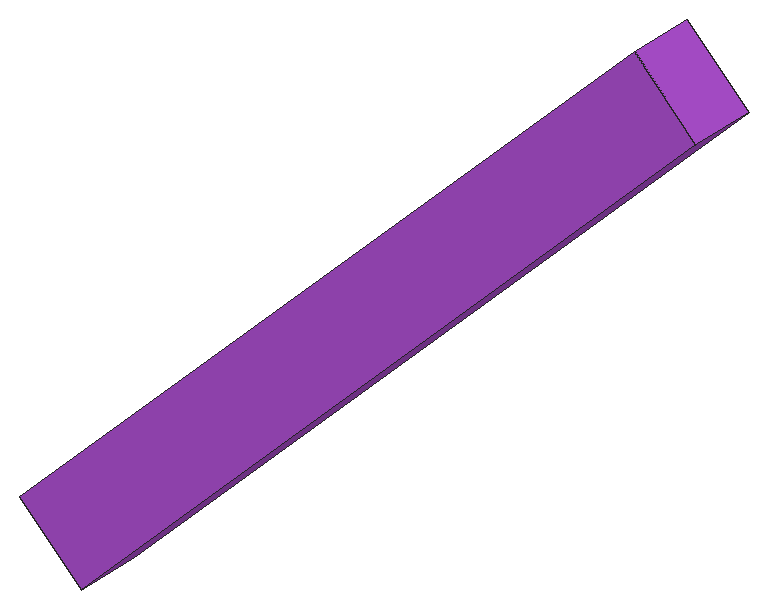
Revit family "ケーブルトレイサポート_不等辺山形鋼1", category Generic Models, Revit 2020
Family settings
  Can host rebar = No
  Round Connector Dimension = Use Diameter
  Part Type = Normal
  Work Plane-Based = Yes
  Always vertical = No
  Cut with Voids When Loaded = No
  Shared = No
  Room Calculation Point = No
Parameters (values of type "L 100 x 75")
  高さ = 100 mm
  長辺 [instance] = 長さ  # 1000 mm
  長さ [instance] = 1000 mm
  部屋名 = ""
  角度 [instance] = 45.00°
  Default Elevation = 1219.2 mm
  構造マテリアル = E304_ケーブルトレイサポート
  幅 = 75 mm
Types (6, lengths in mm): name | 高さ | 幅
  L 100 x 75 | 100 | 75
  L 125 x 75 | 125 | 75
  L 125 x 90 | 125 | 90
  L 150 x 100 | 150 | 100
  L 150 x 90 | 150 | 90
  L 90 x 75 | 90 | 75
Reference planes
  plane 1 "中心(正面/背面)": y = 0
  plane 2: z = 0
  plane 3 "中心(左/右)": x = 0
Lines and regions (mm)
  reference lines
    curve 1: line (0, 0, 0) -> (848.528, 0, 848.528)
    curve 2: line (35.355, 0, -35.355) -> (-35.355, 0, 35.355)
    curve 3: line (742.462, 0, 671.751) -> (671.751, 0, 742.462)
Dimensions and locks
  equal spacing: curve 2, curve 1, curve 2
  "高さ": curve 2 to curve 2
  equal spacing: curve 3, curve 1, curve 3
  "高さ": curve 3 to curve 3
  "長さ": curve 2 to curve 3
  "角度": angle level to curve 1
  angle curve 2 to curve 1 = 90.00°
  angle curve 3 to curve 1 = 90.00°
  aligned and locked: level to plane 2
  aligned and locked: level to curve 1
  aligned and locked: plane 3 "中心(左/右)" to curve 1
  aligned and locked: curve 2 to nested 1
  aligned and locked: nested 1 to curve 1
Nested families
  nested 1: "グレーチング_不等辺山形鋼" at (-35.355, 0, 35.355) x (0, 1, 0) z (0.7071, 0, -0.7071), 長さ <- "長さ", type "L 90 x 75"
    with 長辺 1000 mm, 長さ 1000 mm, 高さ 100 mm
Definition of nested family "グレーチング_不等辺山形鋼"
  Parameters (values of type "L 125 x 75")
    高さ = 125 mm
    長辺 [instance] = 長さ  # 1000 mm
    長さ [instance] = 1000 mm
    部屋名 = ""
    Default Elevation = 1219.2 mm
    構造マテリアル = none
    幅 = 75 mm
  Types (6, lengths in mm): name | 高さ | 幅
    L 90 x 75 | 90 | 75
    L 100 x 75 | 100 | 75
    L 125 x 75 | 125 | 75
    L 125 x 90 | 125 | 90
    L 150 x 90 | 150 | 90
    L 150 x 100 | 150 | 100
  Reference planes
    plane 1 "中心(正面/背面)": y = 0
    plane 2: z = 0
    plane 3 "中心(左/右)": x = 0
    plane 4: z = 125
    plane 5: z = 62.5
  Forms (mm)
    Extrusion 1, solid, material <- "構造マテリアル"
      sketch origin (0, 0, 0) x (1, 0, 0) y (0, 1, 0)
        loop
          line (-37.5, 1000) -> (-37.5, 0) -> (37.5, 0) -> (37.5, 1000) -> (-37.5, 1000)
      from 0 to 125
  Lines and regions (mm)
    reference lines
      curve 1: line (37.5, 1000, 0) -> (-37.5, 1000, 0)
      curve 2: line (37.5, 0, 0) -> (-37.5, 0, 0)
  Dimensions and locks
    "長さ": curve 1 to curve 2
    "幅": Extrusion 1 to Extrusion 1
    equal spacing: Extrusion 1, plane 3 "中心(左/右)", Extrusion 1
    "幅": curve 1 to curve 1
    equal spacing: curve 1, plane 3 "中心(左/右)", curve 1
    "幅": curve 2 to curve 2
    equal spacing: curve 2, plane 3 "中心(左/右)", curve 2
    equal spacing: plane 4, plane 5, level
    "高さ": plane 4 to level
    aligned and locked: level to plane 2
    aligned and locked: Extrusion 1 to curve 2
    aligned and locked: curve 1 to Extrusion 1
    aligned and locked: plane 4 to Extrusion 1
  Automatic sketch dimensions
    Extrusion 1 sketch curve to plane 3 "中心(左/右)" = 37.5 mm
    plane 3 "中心(左/右)" to Extrusion 1 sketch curve = 37.5 mm
    plane 1 "中心(正面/背面)" to Extrusion 1 sketch curve = 0 mm
    Extrusion 1 sketch curve to plane 1 "中心(正面/背面)" = 1000 mm
    plane 1 "中心(正面/背面)" to curve 2 = 0 mm
